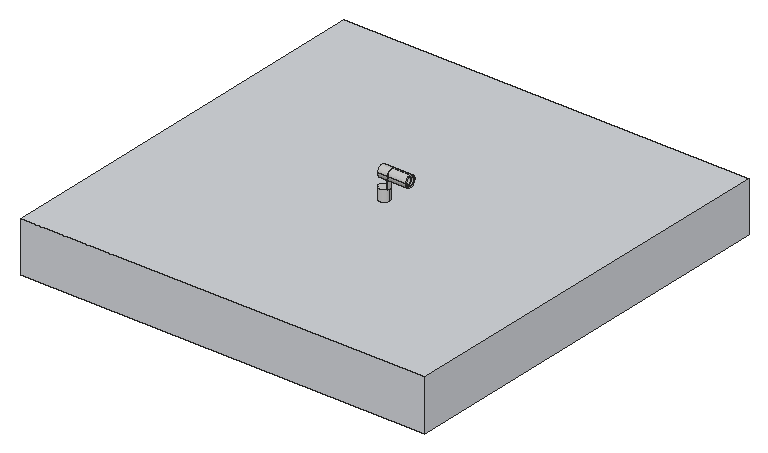
Revit family "LAMP_HANCE SURFACE FLOOD", category Modelos genéricos, Revit 2015
Parameters (values of type "1476LM 3000 BLACK")
  Weight = 0.72 kg
  Type = "COB PHILIPS"
  Total height = 248 mm
  Tilting angle [instance] = 90.00°
  Tilting [instance] = if(Tilting angle < 0.00°, 0.00°, if(Tilting angle > 90.00°, 90.00°, Tilting angle))  # 90.00°
  Rotation angle [instance] = 0.00°
  Rotation [instance] = if(Rotation angle < 0.00°, 90.00°, if(Rotation angle > 355.00°, 85.00°, Rotation angle + 90.00°))  # 90.00°
  Radio base surface = if(Longitud cuerpo = 210 mm, 45 mm, 32.5 mm)  # 32.5 mm
  Protection rating = "IP20"
  Profundidad tija = if(Longitud cuerpo = 210 mm, 18 mm, 8.2 mm)  # 8.2 mm
  Product datasheet = "http://www.lamp.es/product-files/TECH/HS1TK20FL830NBB-EN.pdf"
  Product code = "HS1TK20FL830NBB"
  Product URL = "http://www.lamp.es/en/family/hance_173901"
  Power Supply = "220-240V 50-60Hz"
  Power = 18 W
  Plum = 21 W
  Photometric web file = Cuerpo Hance SURFACE FLOOD (tilting) : 1476LM 3000 BLACK
  Modelo = Product code  # "HS1TK20FL830NBB"
  Model explanation = "Availability of tilting between 0º and 90º, rotation between 0º and 355º and change ring color when placed in a project."
  Material base = LAMP_Aluminio Hance Negro
  Material tija = LAMP_Aluminio Hance Negro
  Manufacturer name = "LAMP"
  Manufacturer country = "Spain"
  Manufacturer URL = "http://www.lamp.es/en"
  MacAdam = "3"
  Luminaire type = "Indoor - Spotlight"
  Longitud cuerpo = 170 mm
  Longitud aro = if(Longitud cuerpo = 135 mm, 63.6 mm, if(Longitud cuerpo = 170 mm, 98.6 mm, 138.6 mm))  # 98.6 mm
  Last update = "08/08/2018"
  Lamp = "COB LED"
  LED Lifetime = "50.000 L80 B10"
  Insulation class = "I"
  Installation instructions = "http://www.lamp.es/product-files/ins/1004280%20-%20instr.%20hance%20spotlight%20220v.pdf"
  Initial intensity = 1476 lm
  Initial color = 3000 K
  IEE = "A"
  Gear = "Electronic"
  Finish = "Texturised black"
  Fabricante = Manufacturer name  # "LAMP"
  Default Elevation = 1219.2 mm
  Efficacy = 70.3 lm/W
  Diameter = 65 mm
  Descripción = "HANCE SUR 2000 WW FL BK."
  Decorative ring [instance] = Aro decorativo (tilting) : Black
  Comentarios de tipo = Model explanation  # "Availability of tilting between 0º and 90º, rotation between 0º and 355º and change ring color when placed in a project."
  CRI = "80"
  Body height = 170 mm
  Angulo aro [instance] = if(Tilting = 90.00°, 90.00°, -Tilting + 180.00°)  # 90.00°
  Anchura tija = if(Longitud cuerpo = 210 mm, 28 mm, 23 mm)  # 23 mm
  Altura tija = if(Longitud cuerpo = 210 mm, 49 mm, 63 mm)  # 63 mm
Types (17, lengths in mm): name | Weight | Total height | Radio base surface | Profundidad tija | Product datasheet | Product code | Power | Plum | Photometric web file | Modelo | Material base | Material tija | Longitud cuerpo | Longitud aro | LED Lifetime | Initial intensity | Initial color | IEE | Finish | Efficacy | Diameter | Descripción | Body height | Anchura tija | Altura tija
  (no name) | 0.72 kg | 248 | 32.5 | 8.2 | "http://www.lamp.es/product-files/TECH/HS1TK20FL830NBB-EN.pdf" | "HS1TK20FL830NBB" | 18 W | 21 W | Cuerpo Hance SURFACE FLOOD (tilting) : 1476LM 3000 BLACK | "HS1TK20FL830NBB" | LAMP_Aluminio Hance Negro | LAMP_Aluminio Hance Negro | 170 | 98.6 | "50.000 L80 B10" | 1476 lm | 3000 K | "A" | "Texturised black" | 70.3 lm/W | 65 | "HANCE SUR 2000 WW FL BK." | 170 | 23 | 63
  639LM 3000 BLACK | 0.62 kg | 214 | 32.5 | 8.2 | "http://www.lamp.es/product-files/TECH/HS1SF10FL830NBB-EN.pdf" | "HS1SF10FL830NBB" | 7 W | 8.2 W | Cuerpo Hance SURFACE FLOOD (tilting) : 639LM 3000 BLACK | "HS1SF10FL830NBB" | LAMP_Aluminio Hance Negro | LAMP_Aluminio Hance Negro | 135 | 63.6 | "50.000 L90 B10" | 639 lm | 3000 K | "A+" | "Texturised black" | 77.9 lm/W | 65 | "HANCE SUR 1000 WW FL BK." | 135 | 23 | 63
  639LM 3000 WHITE | 0.62 kg | 214 | 32.5 | 8.2 | "http://www.lamp.es/product-files/TECH/HS1SF10FL830NBW-EN.pdf" | "HS1SF10FL830NBW" | 7 W | 8.2 W | Cuerpo Hance SURFACE FLOOD (tilting) : 639LM 3000 WHITE | "HS1SF10FL830NBW" | LAMP_Aluminio Hance Blanco | LAMP_Aluminio Hance Blanco | 135 | 63.6 | "50.000 L90 B10" | 639 lm | 3000 K | "A+" | "Texturised matt white" | 77.9 lm/W | 65 | "HANCE SUR 1000 WW FL WH." | 135 | 23 | 63
  675LM 4000 BLACK | 0.62 kg | 214 | 32.5 | 8.2 | "http://www.lamp.es/product-files/TECH/HS1SF10FL840NBB-EN.pdf" | "HS1SF10FL840NBB" | 7 W | 8.2 W | Cuerpo Hance SURFACE FLOOD (tilting) : 675LM 4000 BLACK | "HS1SF10FL840NBB" | LAMP_Aluminio Hance Negro | LAMP_Aluminio Hance Negro | 135 | 63.6 | "50.000 L90 B10" | 675 lm | 4000 K | "A+" | "Texturised black" | 82.32 lm/W | 65 | "HANCE SUR 1000 NW FL BK." | 135 | 23 | 63
  675LM 4000 WHITE | 0.62 kg | 214 | 32.5 | 8.2 | "http://www.lamp.es/product-files/TECH/HS1TK10FL840NBW-EN.pdf" | "HS1TK10FL840NBW" | 7 W | 8.2 W | Cuerpo Hance SURFACE FLOOD (tilting) : 675LM 4000 WHITE | "HS1TK10FL840NBW" | LAMP_Aluminio Hance Blanco | LAMP_Aluminio Hance Blanco | 135 | 63.6 | "50.000 L90 B10" | 675 lm | 4000 K | "A+" | "Texturised matt white" | 82.32 lm/W | 65 | "HANCE SUR 1000 NW FL WH." | 135 | 23 | 63
  1476LM 3000 BLACK | 0.72 kg | 248 | 32.5 | 8.2 | "http://www.lamp.es/product-files/TECH/HS1TK20FL830NBB-EN.pdf" | "HS1TK20FL830NBB" | 18 W | 21 W | Cuerpo Hance SURFACE FLOOD (tilting) : 1476LM 3000 BLACK | "HS1TK20FL830NBB" | LAMP_Aluminio Hance Negro | LAMP_Aluminio Hance Negro | 170 | 98.6 | "50.000 L80 B10" | 1476 lm | 3000 K | "A" | "Texturised black" | 70.3 lm/W | 65 | "HANCE SUR 2000 WW FL BK." | 170 | 23 | 63
  1476LM 3000 WHITE | 0.72 kg | 248 | 32.5 | 8.2 | "http://www.lamp.es/product-files/TECH/HS1SF20FL830NBB-EN.pdf" | "HS1SF20FL830NBB" | 18 W | 21 W | Cuerpo Hance SURFACE FLOOD (tilting) : 1476LM 3000 WHITE | "HS1SF20FL830NBB" | LAMP_Aluminio Hance Blanco | LAMP_Aluminio Hance Blanco | 170 | 98.6 | "50.000 L80 B10" | 1476 lm | 3000 K | "A" | "Texturised matt white" | 70.3 lm/W | 65 | "HANCE SUR 2000 WW FL BK." | 170 | 23 | 63
  1560LM 4000 BLACK | 0.72 kg | 248 | 32.5 | 8.2 | "http://www.lamp.es/product-files/TECH/HS1SF20FL830NBW-EN.pdf" | "HS1SF20FL830NBW" | 18 W | 21 W | Cuerpo Hance SURFACE FLOOD (tilting) : 1560LM 4000 BLACK | "HS1SF20FL830NBW" | LAMP_Aluminio Hance Negro | LAMP_Aluminio Hance Negro | 170 | 98.6 | "50.000 L80 B10" | 1560 lm | 4000 K | "A" | "Texturised black" | 74.28 lm/W | 65 | "HANCE SUR 2000 WW FL WH." | 170 | 23 | 63
  1560LM 4000 WHITE | 0.72 kg | 248 | 32.5 | 8.2 | "http://www.lamp.es/product-files/TECH/HS1SF20FL840NBB-EN.pdf" | "HS1SF20FL840NBB" | 18 W | 21 W | Cuerpo Hance SURFACE FLOOD (tilting) : 1560LM 4000 WHITE | "HS1SF20FL840NBB" | LAMP_Aluminio Hance Blanco | LAMP_Aluminio Hance Blanco | 170 | 98.6 | "50.000 L80 B10" | 1560 lm | 4000 K | "A" | "Texturised matt white" | 74.28 lm/W | 65 | "HANCE SUR 2000 NW FL BK." | 170 | 23 | 63
  2569LM 3000 BLACK | 1.34 kg | 290 | 45 | 18 | "http://www.lamp.es/product-files/TECH/HS1SF30FL830NBB-EN.pdf" | "HS1SF30FL830NBB" | 26 W | 28.6 W | Cuerpo Hance SURFACE FLOOD (tilting) : 2569LM 3000 BLACK | "HS1SF30FL830NBB" | LAMP_Aluminio Hance Negro | LAMP_Aluminio Hance Negro | 210 | 138.6 | "50.000 L80 B10" | 2569 lm | 3000 K | "A+" | "Texturised black" | 89.83 lm/W | 90 | "HANCE SUR 3000 WW FL BK." | 210 | 28 | 49
  2569LM 3000 WHITE | 1.34 kg | 290 | 45 | 18 | "http://www.lamp.es/product-files/TECH/HS1SF30FL830NBW-EN.pdf" | "HS1SF30FL830NBW" | 26 W | 28.6 W | Cuerpo Hance SURFACE FLOOD (tilting) : 2569LM 3000 WHITE | "HS1SF30FL830NBW" | LAMP_Aluminio Hance Blanco | LAMP_Aluminio Hance Blanco | 210 | 138.6 | "50.000 L80 B10" | 2569 lm | 3000 K | "A+" | "Texturised matt white" | 89.83 lm/W | 90 | "HANCE SUR 3000 WW FL WH." | 210 | 28 | 49
  2686LM 4000 BLACK | 1.34 kg | 290 | 45 | 18 | "http://www.lamp.es/product-files/TECH/HS1SF30FL840NBB-EN.pdf" | "HS1SF30FL840NBB" | 26 W | 28.6 W | Cuerpo Hance SURFACE FLOOD (tilting) : 2686LM 4000 BLACK | "HS1SF30FL840NBB" | LAMP_Aluminio Hance Negro | LAMP_Aluminio Hance Negro | 210 | 138.6 | "50.000 L80 B10" | 2686 lm | 4000 K | "A+" | "Texturised black" | 93.92 lm/W | 90 | "HANCE SUR 3000 NW FL BK." | 210 | 28 | 49
  2686LM 4000 WHITE | 1.34 kg | 290 | 45 | 18 | "http://www.lamp.es/product-files/TECH/HS1SF30FL840NBW-EN.pdf" | "HS1SF30FL840NBW" | 26 W | 28.6 W | Cuerpo Hance SURFACE FLOOD (tilting) : 2686LM 4000 WHITE | "HS1SF30FL840NBW" | LAMP_Aluminio Hance Blanco | LAMP_Aluminio Hance Blanco | 210 | 138.6 | "50.000 L80 B10" | 2686 lm | 4000 K | "A+" | "Texturised matt white" | 93.92 lm/W | 90 | "HANCE SUR 3000 NW FL WH." | 210 | 28 | 49
  3290LM 3000 BLACK | 1.34 kg | 290 | 45 | 18 | "http://www.lamp.es/product-files/TECH/HS1SF40FL830NBB-EN.pdf" | "HS1SF40FL830NBB" | 35 W | 39.5 W | Cuerpo Hance SURFACE FLOOD (tilting) : 3290LM 3000 BLACK | "HS1SF40FL830NBB" | LAMP_Aluminio Hance Negro | LAMP_Aluminio Hance Negro | 210 | 138.6 | "50.000 L80 B10" | 3290 lm | 3000 K | "A+" | "Texturised black" | 83.3 lm/W | 90 | "HANCE SUR 4000 WW FL BK." | 210 | 28 | 49
  3290LM 3000 WHITE | 1.34 kg | 290 | 45 | 18 | "http://www.lamp.es/product-files/TECH/HS1SF40FL830NBW-EN.pdf" | "HS1SF40FL830NBW" | 35 W | 39.5 W | Cuerpo Hance SURFACE FLOOD (tilting) : 3290LM 3000 WHITE | "HS1SF40FL830NBW" | LAMP_Aluminio Hance Blanco | LAMP_Aluminio Hance Blanco | 210 | 138.6 | "50.000 L80 B10" | 3290 lm | 3000 K | "A+" | "Texturised matt white" | 83.3 lm/W | 90 | "HANCE SUR 4000 WW FL WH." | 210 | 28 | 49
  3426LM 4000 BLACK | 1.34 kg | 290 | 45 | 18 | "http://www.lamp.es/product-files/TECH/HS1SF40FL840NBB-EN.pdf" | "HS1SF40FL840NBB" | 35 W | 39.5 W | Cuerpo Hance SURFACE FLOOD (tilting) : 3426LM 4000 BLACK | "HS1SF40FL840NBB" | LAMP_Aluminio Hance Negro | LAMP_Aluminio Hance Negro | 210 | 138.6 | "50.000 L80 B10" | 3426 lm | 4000 K | "A+" | "Texturised black" | 86.73 lm/W | 90 | "HANCE SUR 4000 NW FL BK." | 210 | 28 | 49
  3426LM 4000 WHITE | 1.34 kg | 290 | 45 | 18 | "http://www.lamp.es/product-files/TECH/HS1SF40FL840NBW-EN.pdf" | "HS1SF40FL840NBW" | 35 W | 39.5 W | Cuerpo Hance SURFACE FLOOD (tilting) : 3426LM 4000 WHITE | "HS1SF40FL840NBW" | LAMP_Aluminio Hance Blanco | LAMP_Aluminio Hance Blanco | 210 | 138.6 | "50.000 L80 B10" | 3426 lm | 4000 K | "A+" | "Texturised matt white" | 86.73 lm/W | 90 | "HANCE SUR 4000 NW FL WH." | 210 | 28 | 49
Reference planes
  plane 1 "Centro (Frontal/Posterior)": y = 0
  plane 2: z = 0
  plane 3 "Centro (Izquierda/Derecha)": x = 0
Forms (mm)
  Extrusion 1, solid
    sketch origin (0, 0, 0) x (1, 0, 0) y (0, 1, 0)
      loop
        line (-1219.2, 1219.2) -> (-1219.2, -1219.2) -> (1219.2, -1219.2) -> (1219.2, 1219.2) -> (-1219.2, 1219.2)
    from 0 to -304.8
  Extrusion 2, solid, material "LAMP_Aluminio Hance Negro" <- "Material base"
    sketch origin (0, 0, 0) x (1, 0, 0) y (0, 1, 0)
      loop
        circle (0, 0) r 32.5
    from 0 to 64
Lines and regions (mm)
  reference lines
    curve 1: line (0, 0, 0) -> (50, 0, 0)
Text (mm)
  text "Any modification of the parameters and properties of the LAMP BIM models must be executed and validated by the LAMP technical department.\n\nPhone: +34 93 736 68 00\n\nE-mail: lamp@lamp.es\n\n\n\nLAMP reserves the right to modify the technical specifications of its products." at (-21910.024, 14255.656, -4379.641), in view "Preview"
Dimensions and locks
  "Radio base surface": radius of Extrusion 2 sketch curve
  "Rotation": angle curve 1 to plane 3 "Centro (Izquierda/Derecha)"
  aligned and locked: plane 2 to Extrusion 1
  aligned and locked: level to Extrusion 1
  aligned and locked: plane 3 "Centro (Izquierda/Derecha)" to curve 1
  aligned and locked: plane 1 "Centro (Frontal/Posterior)" to curve 1
Automatic sketch dimensions
  Extrusion 1 sketch curve to Extrusion 1 sketch curve = 2438.4 mm  (x2)
  Extrusion 2 sketch curve to curve 1 = 0 mm  (x2)
Nested families
  nested 1: "Aro decorativo (tilting)" at (28.337, 0, 119.163) x (1, 0, 0) z (0, 0, -1), type <- "Decorative ring", type "Black"
    with Longitud 98.6 mm
  nested 2: "Tija track" at (29.837, 0, 64), type "Tija track"
  nested 3: "Cuerpo Hance SURFACE FLOOD (tilting)" at (28.312, 0, 119.145) x (1, 0, 0) z (0, 0, -1), type <- "Photometric web file", type "1476LM 3000 BLACK"
Definition of nested family "Aro decorativo (tilting)"
  Parameters (values of type "Copper")
    Weight (3000/4000) = 0.016 kg
    Weight (1000/2000) = 0.01 kg
    Tilting = 90.00°
    Product datasheet = ""
    Product code (3000/4000) = "HSRI90C"
    Product code (1000/2000) = "HSRI65C"
    Product URL = ""
    Model = ""
    Material aro = none
    Manufacturer name = "LAMP"
    Manufacturer country = "Spain"
    Manufacturer URL = "http://www.lamp.es/en"
    Longitud = 63.6 mm
    Last update = "21/05/2018"
    Installation instructions = ""
    Finish = "Metalized matt copper"
    Manufacturer = Manufacturer name  # "LAMP"
    Default Elevation = 1219.2 mm
    Diameter (3000/4000) = 90 mm
    Diameter (1000/2000) = 65 mm
    Description = ""
    Accessory Type = "Optic"
    3000/4000 Model = "HSRI90C"
    3000/4000 Description = "HANCE 3000/4000 ACC. RING DECO CO."
    1000/2000 Model = "HSRI65C"
    1000/2000 Description = "HANCE 1000/2000 ACC. RING DECO CO."
  Types (5, lengths in mm): name | Product code (3000/4000) | Product code (1000/2000) | Finish | 3000/4000 Model | 3000/4000 Description | 1000/2000 Model | 1000/2000 Description
    (no name) | "HSRI90C" | "HSRI65C" | "Metalized matt copper" | "HSRI90C" | "HANCE 3000/4000 ACC. RING DECO CO." | "HSRI65C" | "HANCE 1000/2000 ACC. RING DECO CO."
    Black | "HSRI90B" | "HSRI65B" | "Matt black" | "HSRI90B" | "HANCE 3000/4000 ACC. RING DECO BK." | "HSRI65B" | "HANCE 1000/2000 ACC. RING DECO BK."
    Copper | "HSRI90C" | "HSRI65C" | "Metalized matt copper" | "HSRI90C" | "HANCE 3000/4000 ACC. RING DECO CO." | "HSRI65C" | "HANCE 1000/2000 ACC. RING DECO CO."
    Grey | "HSRI90M" | "HSRI65M" | "Metalized matt silver" | "HSRI90M" | "HANCE 3000/4000 ACC. RING DECO MET." | "HSRI65M" | "HANCE 1000/2000 ACC. RING DECO MET."
    White | "HSRI90W" | "HSRI65W" | "Matt White" | "HSRI90W" | "HANCE 3000/4000 ACC. RING DECO WH." | "HSRI65W" | "HANCE 1000/2000 ACC. RING DECO WH."
  Reference planes
    plane 1 "Centro (Frontal/Posterior)": y = 0
    plane 2: z = 0
    plane 3 "Centro (Izquierda/Derecha)": x = 0
  Lines and regions (mm)
    reference lines
      curve 1: line (0, 0, 0) -> (0, 0, -27.9)
      curve 2: line (0, 0, -27.9) -> (80.8, 0, -27.9)
  Text (mm)
    text "Any modification of the parameters and properties of the LAMP BIM models must be executed and validated by the LAMP technical department.\n\nPhone: +34 93 736 68 00\n\nE-mail: lamp@lamp.es\n\n\n\nLAMP reserves the right to modify the technical specifications of its products." at (86527.204, -96597.187, 50741.736), in view "Preview"
  Dimensions and locks
    "Tilting": angle curve 1 to plane 2
    aligned and locked: level to plane 2
    aligned and locked: plane 3 "Centro (Izquierda/Derecha)" to curve 1
    aligned and locked: plane 2 to curve 1
  Automatic sketch dimensions
    curve 2 to curve 1 = 0 mm
    curve 1 to curve 2 = 0 mm
    curve 1 to curve 2 = 80.8 mm
  Nested families
    nested 1: "Aro decorativo" at (17.2, 0, 0), type "Copper"
  Definition of nested family "Aro decorativo"
    Parameters (values of type "Copper")
      Weight (3000/4000) = 0.016 kg
      Weight (1000/2000) = 0.01 kg
      Product datasheet = ""
      Product code (3000/4000) = "HSRI90C"
      Product code (1000/2000) = "HSRI65C"
      Product URL = ""
      Model = ""
      Material aro = none
      Manufacturer name = "LAMP"
      Manufacturer country = "Spain"
      Manufacturer URL = "http://www.lamp.es/en"
      Longitud = 63.6 mm
      Last update = "21/05/2018"
      Installation instructions = ""
      Finish = "Metalized matt copper"
      Manufacturer = Manufacturer name  # "LAMP"
      Default Elevation = 1219.2 mm
      Diametro vaciado aro interior = if(Diametro aro interior = 35.4 mm, 34.4 mm, 21.9 mm)  # 21.9 mm
      Diametro vaciado aro exterior = if(Diametro aro exterior = 42.9 mm, 41.9 mm, 29.4 mm)  # 29.4 mm
      Diametro aro interior = if(Diametro aro exterior = 42.9 mm, 35.4 mm, 22.9 mm)  # 22.9 mm
      Diametro aro exterior = if(Longitud = 138.6 mm, 42.9 mm, 30.4 mm)  # 30.4 mm
      Diameter (3000/4000) = 90 mm
      Diameter (1000/2000) = 65 mm
      Description = ""
      Accessory Type = "Optic"
      3000/4000 Model = "HSRI90C"
      3000/4000 Description = "HANCE 3000/4000 ACC. RING DECO CO."
      1000/2000 Description = "HANCE 1000/2000 ACC. RING DECO CO."
      1000/2000 Model = "HSRI65C"
    Types (5, lengths in mm): name | Product code (3000/4000) | Product code (1000/2000) | Finish | 3000/4000 Model | 3000/4000 Description | 1000/2000 Description | 1000/2000 Model
      (no name) | "HSRI90C" | "HSRI65C" | "Metalized matt copper" | "HSRI90C" | "HANCE 3000/4000 ACC. RING DECO CO." | "HANCE 1000/2000 ACC. RING DECO CO." | "HSRI65C"
      Black | "HSRI90B" | "HSRI65B" | "Matt black" | "HSRI90B" | "HANCE 3000/4000 ACC. RING DECO BK." | "HANCE 1000/2000 ACC. RING DECO BK." | "HSRI65B"
      Copper | "HSRI90C" | "HSRI65C" | "Metalized matt copper" | "HSRI90C" | "HANCE 3000/4000 ACC. RING DECO CO." | "HANCE 1000/2000 ACC. RING DECO CO." | "HSRI65C"
      Grey | "HSRI90M" | "HSRI65M" | "Metalized matt silver" | "HSRI90M" | "HANCE 3000/4000 ACC. RING DECO MET." | "HANCE 1000/2000 ACC. RING DECO MET." | "HSRI65M"
      White | "HSRI90W" | "HSRI65W" | "Matt white" | "HSRI90W" | "HANCE 3000/4000 ACC. RING DECO WH." | "HANCE 1000/2000 ACC. RING DECO WH." | "HSRI65W"
    Reference planes
      plane 1 "Centro (Frontal/Posterior)": y = 0
      plane 2: z = 0
      plane 3 "Centro (Izquierda/Derecha)": x = 0
    Forms (mm)
      Revolve 1, solid, material <- "Material aro"
        sketch origin (0, 0, -27.9) x (1, 0, 0) y (0, 0, 1)
          loop
            line (63.6, 0) -> (73.782, 0) -> (73.782, 30.4) -> (63.6, 22.9) -> (63.6, 0)
          axis (73.782, 0) -> (63.6, 0)
        angle from 0 to 360
      Revolve 2, void
        sketch origin (0, 0, -27.9) x (1, 0, 0) y (0, 0, 1)
          loop
            line (73.782, 29.4) -> (63.6, 21.9) -> (63.6, 0) -> (73.782, 0) -> (73.782, 29.4)
          axis (63.6, 0) -> (73.782, 0)
        angle from 0 to 360
    Cuts and joins
      Revolve 2 cuts Revolve 1
    Lines and regions (mm)
      reference lines
        curve 1: line (0, 0, -27.9) -> (63.6, 0, -27.9)
    Text (mm)
      text "Any modification of the parameters and properties of the LAMP BIM models must be executed and validated by the LAMP technical department.\n\nPhone: +34 93 736 68 00\n\nE-mail: lamp@lamp.es\n\n\n\nLAMP reserves the right to modify the technical specifications of its products." at (91886.357, -93022.329, 47898.266), in view "Preview"
    Dimensions and locks
      "Diametro aro exterior": Revolve 1 sketch curve to Revolve 1 sketch curve
      "Diametro vaciado aro exterior": Revolve 2 sketch curve to Revolve 2 sketch curve
      "Longitud": curve 1 to plane 3 "Centro (Izquierda/Derecha)"
      "Diametro aro interior": Revolve 1 sketch curve to Revolve 1 sketch curve
      "Diametro vaciado aro interior": Revolve 2 sketch curve to Revolve 2 sketch curve
      aligned and locked: level to plane 2
    Automatic sketch dimensions
      Revolve 1 sketch curve to curve 1 = 0 mm  (x4)
      curve 1 to Revolve 1 sketch curve = 10.182 mm
      Revolve 1 sketch curve to Revolve 1 sketch curve = 0 mm
      Revolve 2 sketch curve to curve 1 = 0 mm  (x3)
      curve 1 to Revolve 2 sketch curve = 10.182 mm
      Revolve 2 sketch curve to curve 1 = 1261.008 mm
      Revolve 2 sketch curve to Revolve 2 sketch curve = 1898.983 mm
      curve 1 to plane 3 "Centro (Izquierda/Derecha)" = 0 mm
      curve 1 to level = 27.9 mm
Definition of nested family "Tija track"
  Parameters (values of type "Tija track")
    Profundidad tija = 8.2 mm
    Material tija = none
    Default Elevation = 1219.2 mm
    Anchura tija = 23 mm
    Profundo vaciado = if(Profundidad tija = 18 mm, 10.8 mm, 1 mm)  # 1 mm
    Ancho vaciado = Anchura tija  # 23 mm
    Altura tija = 63 mm
  Reference planes
    plane 1 "Centro (Frontal/Posterior)": y = 0
    plane 2: z = 0
    plane 3 "Centro (Izquierda/Derecha)": x = 0
  Forms (mm)
    Extrusion 1, solid
      sketch origin (0, 0, 0) x (1, 0, 0) y (0, 1, 0)
        loop
          line (-1219.2, 1219.2) -> (-1219.2, -1219.2) -> (1219.2, -1219.2) -> (1219.2, 1219.2) -> (-1219.2, 1219.2)
      from 0 to -304.8
    Extrusion 2, solid, material <- "Material tija"
      sketch origin (0, 0, -18) x (1, 0, 0) y (0, 0, 1)
        loop
          line (4.1, 18) -> (4.1, 81) -> (-6.297, 81)
          arc (-6.297, 81) -> (-12.297, 75) -> (-6.297, 69) r 6
          line (-6.297, 69) -> (-4.1, 69) -> (-4.1, 18) -> (4.1, 18)
      from -11.5 to 11.5
    Extrusion 3, void
      sketch origin (0, 0, -20) x (-1, 0, 0) y (0, 0, 1)
        loop
          circle (7.297, 77) r 3
        loop
          circle (7.297, 63) r 3
      from -17.317 to 15.502
    Extrusion 4, void
      sketch origin (1, -11.5, 0) x (-1, 0, 0) y (0, 1, 0)
        loop
          line (0, 23) -> (-38.141, 23) -> (-38.141, 0) -> (0, 0)
          arc (0, 0) -> (-1.663, 11.5) -> (0, 23) r 40.6
      from -63 to 0
  Cuts and joins
    Extrusion 3, Extrusion 4 cuts Extrusion 2
  Lines and regions (mm)
    reference lines
      curve 1: line (1, -11.5, 0) -> (1, 11.5, 0)
  Dimensions and locks
    equal spacing: cut or joined group of Extrusion 2, Extrusion 3, Extrusion 4, plane 1 "Centro (Frontal/Posterior)", cut or joined group of Extrusion 2, Extrusion 3, Extrusion 4
    "Anchura tija": cut or joined group of Extrusion 2, Extrusion 3, Extrusion 4 to cut or joined group of Extrusion 2, Extrusion 3, Extrusion 4
    plane 1 "Centro (Frontal/Posterior)" to Extrusion 4 sketch curve = 11.5 mm
    "Altura tija": Extrusion 2 sketch curve to Extrusion 2 sketch curve
    "Profundidad tija": cut or joined group of Extrusion 2, Extrusion 3, Extrusion 4 to cut or joined group of Extrusion 2, Extrusion 3, Extrusion 4
    locked: cut or joined group of Extrusion 2, Extrusion 3, Extrusion 4 to plane 3 "Centro (Izquierda/Derecha)" at 4.1
    locked: plane 3 "Centro (Izquierda/Derecha)" to Extrusion 4 sketch curve at 39.141
    "Profundo vaciado": plane 3 "Centro (Izquierda/Derecha)" to curve 1
    "Ancho vaciado": Extrusion 4 sketch curve to Extrusion 4 sketch curve
    equal spacing: Extrusion 4 sketch curve, plane 1 "Centro (Frontal/Posterior)", Extrusion 4 sketch curve
    aligned and locked: plane 2 to Extrusion 1
    aligned and locked: level to Extrusion 1
  Automatic sketch dimensions
    Extrusion 1 sketch curve to Extrusion 1 sketch curve = 2438.4 mm  (x2)
    Extrusion 3 sketch curve to plane 3 "Centro (Izquierda/Derecha)" = 7.297 mm  (x2)
    level to Extrusion 3 sketch curve = 43 mm
    Extrusion 3 sketch curve to Extrusion 3 sketch curve = 14 mm
    Extrusion 2 sketch curve to level = 0 mm
    Extrusion 2 sketch curve to plane 3 "Centro (Izquierda/Derecha)" = 6.297 mm
    Extrusion 2 sketch curve to Extrusion 2 sketch curve = 2.197 mm
    plane 3 "Centro (Izquierda/Derecha)" to Extrusion 2 sketch curve = 4.1 mm
    Extrusion 2 sketch curve to Extrusion 2 sketch curve = 12 mm
    plane 1 "Centro (Frontal/Posterior)" to curve 1 = 11.5 mm
    curve 1 to plane 1 "Centro (Frontal/Posterior)" = 11.5 mm
    Extrusion 4 sketch curve to curve 1 = 0 mm  (x2)
    curve 1 to Extrusion 4 sketch curve = 38.937 mm
    radius of Extrusion 3 sketch curve = 3 mm  (x2)
Definition of nested family "Cuerpo Hance SURFACE FLOOD (tilting)"
  Parameters (values of type "639LM 3000 BLACK")
    Tilting = 90.00°
    Photometric web file = Cuerpo Hance SURFACE FLOOD : 639LM 3000 BLACK
    Longitud cuerpo = 135 mm
    Default Elevation = 1219.2 mm
  Types (17, lengths in mm): name | Photometric web file | Longitud cuerpo
    (no name) | Cuerpo Hance SURFACE FLOOD : 639LM 3000 BLACK | 135
    639LM 3000 BLACK | Cuerpo Hance SURFACE FLOOD : 639LM 3000 BLACK | 135
    639LM 3000 WHITE | Cuerpo Hance SURFACE FLOOD : 639LM 3000 WHITE | 135
    675LM 4000 BLACK | Cuerpo Hance SURFACE FLOOD : 675LM 4000 BLACK | 135
    675LM 4000 WHITE | Cuerpo Hance SURFACE FLOOD : 675LM 4000 WHITE | 135
    1476LM 3000 BLACK | Cuerpo Hance SURFACE FLOOD : 1476LM 3000 BLACK | 170
    1476LM 3000 WHITE | Cuerpo Hance SURFACE FLOOD : 1476LM 3000 WHITE | 170
    1560LM 4000 BLACK | Cuerpo Hance SURFACE FLOOD : 1560LM 4000 BLACK | 170
    1560LM 4000 WHITE | Cuerpo Hance SURFACE FLOOD : 1560LM 4000 WHITE | 170
    2569LM 3000 BLACK | Cuerpo Hance SURFACE FLOOD : 2569LM 3000 BLACK | 210
    2569LM 3000 WHITE | Cuerpo Hance SURFACE FLOOD : 2569LM 3000 WHITE | 210
    2686LM 4000 BLACK | Cuerpo Hance SURFACE FLOOD : 2686LM 4000 BLACK | 210
    2686LM 4000 WHITE | Cuerpo Hance SURFACE FLOOD : 2686LM 4000 WHITE | 210
    3290LM 3000 BLACK | Cuerpo Hance SURFACE FLOOD : 3290LM 3000 BLACK | 210
    3290LM 3000 WHITE | Cuerpo Hance SURFACE FLOOD : 3290LM 3000 WHITE | 210
    3426LM 4000 BLACK | Cuerpo Hance SURFACE FLOOD : 3426LM 4000 BLACK | 210
    3426LM 4000 WHITE | Cuerpo Hance SURFACE FLOOD : 3426LM 4000 WHITE | 210
  Reference planes
    plane 1 "Centro (Frontal/Posterior)": y = 0
    plane 2: z = 0
    plane 3 "Centro (Izquierda/Derecha)": x = 0
  Lines and regions (mm)
    reference lines
      curve 1: line (0, 0, 0) -> (200, 0, 0)
  Dimensions and locks
    "Tilting": angle plane 3 "Centro (Izquierda/Derecha)" to curve 1
    aligned and locked: level to plane 2
    aligned and locked: plane 3 "Centro (Izquierda/Derecha)" to curve 1
    aligned and locked: plane 2 to curve 1
  Nested families
    nested 1: "Cuerpo Hance SURFACE FLOOD" at (0, 0, 0), type <- "Photometric web file", type "639LM 3000 BLACK"
  Definition of nested family "Cuerpo Hance SURFACE FLOOD"
    Parameters (values of type "639LM 3000 BLACK")
      Tilt Angle = 90.00° + Tilting  # 180.00°
      Wattage = 8.2 W
      Tilting = 90.00°
      built-in parameter 1150107 = 3000 (stored number, unit not read)
      Radio vacio posterior = Radio cuerpo - 2.2 mm  # 30.3 mm
      Radio vaciado = Radio cuerpo - 1.5 mm  # 31 mm
      Radio cuerpo = if(Longitud cuerpo = 210 mm, 45 mm, 32.5 mm)  # 32.5 mm
      built-in parameter 1150110 = 1 (stored number, unit not read)
      built-in parameter 1150109 = 1 (stored number, unit not read)
      built-in parameter 1150112 = 1 (stored number, unit not read)
      built-in parameter 1150113 = 1 (stored number, unit not read)
      built-in parameter 1114218 = 1 (stored number, unit not read)
      built-in parameter 1150137 = (empty or 0)
      built-in parameter 1150132 = 2
      Material reflector = none
      Material cuerpo = none
      Material COB = none
      Longitud cuerpo = 135 mm
      Long. origen luz = if(Longitud cuerpo = 135 mm, 20 mm, if(Longitud cuerpo = 170 mm, 55 mm, 90 mm))  # 20 mm
      L_3 = if(Ancho disipador posterior = 80.4 mm, 39.6 mm, 12 mm)  # 12 mm
      L_2 = if(Ancho disipador posterior = 80.4 mm, 36.3 mm, 22.6 mm)  # 22.6 mm
      L_1 = if(Ancho disipador posterior = 80.4 mm, 36.8 mm, 25.4 mm)  # 25.4 mm
      built-in parameter 1150105 = 11148.3 (stored number, unit not read)
      built-in parameter 1150102 = (empty or 0)
      built-in parameter 1150106 = 111.48 (stored number, unit not read)
      Lumens = 638.78 lm
      Color Filter = 16777215
      built-in parameter 1114217 = 1 (stored number, unit not read)
      built-in parameter 1150139 = (empty or 0)
      Default Elevation = 1219.2 mm
      built-in parameter 1150104 = 7.2371 (stored number, unit not read)
      Efficacy = 77.9 lm/W
      Diametro aro = if(Radio cuerpo = 45 mm, 42.9 mm, 30.4 mm)  # 30.4 mm
      built-in parameter 1150115 = 1 (stored number, unit not read)
      built-in parameter 1150114 = 1 (stored number, unit not read)
      built-in parameter 1150138 = (empty or 0)
      built-in parameter 1150134 = (empty or 0)
      Dimming Lamp Color Temperature Shift = (empty or 0)
      Photometric Web File = "HS1SF10FL830NBB.IES"
      Ancho vaciado reflector = if(Radio cuerpo = 45 mm, 34.4 mm, 21.9 mm)  # 21.9 mm
      Ancho reflector = if(Radio cuerpo = 45 mm, 35.4 mm, 22.9 mm)  # 22.9 mm
      Ancho disipador posterior = if(Radio cuerpo = 32.5 mm, 53 mm, 80.4 mm)  # 53 mm
      built-in parameter 1150133 = 10 (stored number, unit not read)
      Altura disipador superior = if(Radio cuerpo = 45 mm, 23.9 mm, 36.9 mm)  # 36.9 mm
      Ancho disipador superior = if(Radio cuerpo = 45 mm, 28 mm, 22.6 mm)  # 22.6 mm
    Types (16, lengths in mm): name | Wattage | built-in parameter 1150107 | Radio vacio posterior | Radio vaciado | Radio cuerpo | Longitud cuerpo | Long. origen luz | L_3 | L_2 | L_1 | built-in parameter 1150105 | built-in parameter 1150106 | Lumens | built-in parameter 1150104 | Efficacy | Diametro aro | built-in parameter 1150134 | Photometric Web File | Ancho vaciado reflector | Ancho reflector | Ancho disipador posterior | Altura disipador superior | Ancho disipador superior
      639LM 3000 BLACK | 8.2 W | 3000 (stored number, unit not read) | 30.3 | 31 | 32.5 | 135 | 20 | 12 | 22.6 | 25.4 | 11148.3 (stored number, unit not read) | 111.48 (stored number, unit not read) | 638.78 lm | 7.2371 (stored number, unit not read) | 77.9 lm/W | 30.4 | (empty or 0) | "HS1SF10FL830NBB.IES" | 21.9 | 22.9 | 53 | 36.9 | 22.6
      639LM 3000 WHITE | 8.2 W | 3000 (stored number, unit not read) | 30.3 | 31 | 32.5 | 135 | 20 | 12 | 22.6 | 25.4 | 11148.3 (stored number, unit not read) | 111.48 (stored number, unit not read) | 638.78 lm | 7.2371 (stored number, unit not read) | 77.9 lm/W | 30.4 | (empty or 0) | "HS1SF10FL830NBW.IES" | 21.9 | 22.9 | 53 | 36.9 | 22.6
      675LM 4000 BLACK | 8.2 W | 4000 (stored number, unit not read) | 30.3 | 31 | 32.5 | 135 | 20 | 12 | 22.6 | 25.4 | 1291.7 (stored number, unit not read) | 12.917 (stored number, unit not read) | 675.024 lm | 7.6478 (stored number, unit not read) | 82.32 lm/W | 30.4 | 12 | "HS1SF10FL840NBB.IES" | 21.9 | 22.9 | 53 | 36.9 | 22.6
      675LM 4000 WHITE | 8.2 W | 4000 (stored number, unit not read) | 30.3 | 31 | 32.5 | 135 | 20 | 12 | 22.6 | 25.4 | 1291.7 (stored number, unit not read) | 12.917 (stored number, unit not read) | 675.024 lm | 7.6478 (stored number, unit not read) | 82.32 lm/W | 30.4 | 12 | "HS1SF10FL840NBW.IES" | 21.9 | 22.9 | 53 | 36.9 | 22.6
      1476LM 3000 BLACK | 21 W | 3000 (stored number, unit not read) | 30.3 | 31 | 32.5 | 170 | 55 | 12 | 22.6 | 25.4 | 2825.1 (stored number, unit not read) | 28.251 (stored number, unit not read) | 1476.3 lm | 6.5311 (stored number, unit not read) | 70.3 lm/W | 30.4 | (empty or 0) | "HS1SF20FL830NBB.IES" | 21.9 | 22.9 | 53 | 36.9 | 22.6
      1476LM 3000 WHITE | 21 W | 3000 (stored number, unit not read) | 30.3 | 31 | 32.5 | 170 | 55 | 12 | 22.6 | 25.4 | 2825.1 (stored number, unit not read) | 28.251 (stored number, unit not read) | 1476.3 lm | 6.5311 (stored number, unit not read) | 70.3 lm/W | 30.4 | (empty or 0) | "HS1SF20FL830NBW.IES" | 21.9 | 22.9 | 53 | 36.9 | 22.6
      1560LM 4000 BLACK | 21 W | 4000 (stored number, unit not read) | 30.3 | 31 | 32.5 | 170 | 55 | 12 | 22.6 | 25.4 | 3095.6 (stored number, unit not read) | 30.956 (stored number, unit not read) | 1559.88 lm | 6.9008 (stored number, unit not read) | 74.28 lm/W | 30.4 | 12 | "HS1SF20FL840NBB.IES" | 21.9 | 22.9 | 53 | 36.9 | 22.6
      1560LM 4000 WHITE | 21 W | 4000 (stored number, unit not read) | 30.3 | 31 | 32.5 | 170 | 55 | 12 | 22.6 | 25.4 | 3095.6 (stored number, unit not read) | 30.956 (stored number, unit not read) | 1559.88 lm | 6.9008 (stored number, unit not read) | 74.28 lm/W | 30.4 | 12 | "HS1SF20FL840NBW.IES" | 21.9 | 22.9 | 53 | 36.9 | 22.6
      2569LM 3000 BLACK | 28.6 W | 3000 (stored number, unit not read) | 42.8 | 43.5 | 45 | 210 | 90 | 39.6 | 36.3 | 36.8 | 5098.4 (stored number, unit not read) | 50.984 (stored number, unit not read) | 2569.14 lm | 8.3455 (stored number, unit not read) | 89.83 lm/W | 42.9 | (empty or 0) | "HS1SF30FL830NBB.IES" | 34.4 | 35.4 | 80.4 | 23.9 | 28
      2569LM 3000 WHITE | 28.6 W | 3000 (stored number, unit not read) | 42.8 | 43.5 | 45 | 210 | 90 | 39.6 | 36.3 | 36.8 | 5098.4 (stored number, unit not read) | 50.984 (stored number, unit not read) | 2569.14 lm | 8.3455 (stored number, unit not read) | 89.83 lm/W | 42.9 | (empty or 0) | "HS1SF30FL830NBW.IES" | 34.4 | 35.4 | 80.4 | 23.9 | 28
      2686LM 4000 BLACK | 28.6 W | 4000 (stored number, unit not read) | 42.8 | 43.5 | 45 | 210 | 90 | 39.6 | 36.3 | 36.8 | 7539.9 (stored number, unit not read) | 75.399 (stored number, unit not read) | 2686.11 lm | 8.7255 (stored number, unit not read) | 89.83 lm/W | 42.9 | 12 | "HS1SF30FL840NBB.IES" | 34.4 | 35.4 | 80.4 | 23.9 | 28
      2686LM 4000 WHITE | 28.6 W | 4000 (stored number, unit not read) | 42.8 | 43.5 | 45 | 210 | 90 | 39.6 | 36.3 | 36.8 | 7539.9 (stored number, unit not read) | 75.399 (stored number, unit not read) | 2686.11 lm | 8.7255 (stored number, unit not read) | 89.83 lm/W | 42.9 | 12 | "HS1SF30FL840NBW.IES" | 34.4 | 35.4 | 80.4 | 23.9 | 28
      3290LM 3000 BLACK | 39.5 W | 3000 (stored number, unit not read) | 42.8 | 43.5 | 45 | 210 | 90 | 39.6 | 36.3 | 36.8 | 9236 (stored number, unit not read) | 92.36 (stored number, unit not read) | 3290.35 lm | 7.7388 (stored number, unit not read) | 83.3 lm/W | 42.9 | (empty or 0) | "HS1SF40FL830NBB.IES" | 34.4 | 35.4 | 80.4 | 23.9 | 28
      3290LM 3000 WHITE | 39.5 W | 3000 (stored number, unit not read) | 42.8 | 43.5 | 45 | 210 | 90 | 39.6 | 36.3 | 36.8 | 9236 (stored number, unit not read) | 92.36 (stored number, unit not read) | 3290.35 lm | 7.7388 (stored number, unit not read) | 83.3 lm/W | 42.9 | (empty or 0) | "HS1SF40FL830NBW.IES" | 34.4 | 35.4 | 80.4 | 23.9 | 28
      3426LM 4000 BLACK | 39.5 W | 4000 (stored number, unit not read) | 42.8 | 43.5 | 45 | 210 | 90 | 39.6 | 36.3 | 36.8 | 8759.9 (stored number, unit not read) | 87.599 (stored number, unit not read) | 3425.84 lm | 8.0575 (stored number, unit not read) | 86.73 lm/W | 42.9 | 12 | "HS1SF40FL840NBB.IES" | 34.4 | 35.4 | 80.4 | 23.9 | 28
      3426LM 4000 WHITE | 39.5 W | 4000 (stored number, unit not read) | 42.8 | 43.5 | 45 | 210 | 90 | 39.6 | 36.3 | 36.8 | 8759.9 (stored number, unit not read) | 87.599 (stored number, unit not read) | 3425.84 lm | 8.0575 (stored number, unit not read) | 86.73 lm/W | 42.9 | 12 | "HS1SF40FL840NBW.IES" | 34.4 | 35.4 | 80.4 | 23.9 | 28
    Reference planes
      plane 1 "Centro (Frontal/Posterior)": y = 0
      plane 2: z = 0
      plane 3 "Centro (Izquierda/Derecha)": x = 0
    Forms (mm)
      Extrusion 1, solid, material <- "Material cuerpo"
        sketch origin (0, 0, 0) x (0, -1, 0) y (0, 0, 1)
          loop
            circle (0, -27.875) r 32.5
        from -93 to 42
      Extrusion 2, void
        sketch origin (0, 0, 0) x (0, 1, 0) y (0, 0, 1)
          loop
            line (11.3, 30) -> (-11.3, 30) -> (-11.3, -6.9)
            arc (-11.3, -6.9) -> (0, -7.855) -> (11.3, -6.9) r 67.349
            line (11.3, -6.9) -> (11.3, 30)
        from -42 to 9.4
      Extrusion 3, void
        sketch origin (0, 0, 0) x (0, 1, 0) y (0, 0, 1)
          loop
            circle (0, -27.875) r 30.3
        from -42 to -41
      Extrusion 4, void
        sketch origin (0, 0, 0) x (0, 1, 0) y (0, 0, 1)
          loop
            line (26.5, -26.291) -> (-26.5, -26.291)
            arc (-26.5, -26.291) -> (-27.7, -27.491) -> (-26.5, -28.691) r 1.2
            line (-26.5, -28.691) -> (26.5, -28.691)
            arc (26.5, -28.691) -> (27.7, -27.491) -> (26.5, -26.291) r 1.2
          loop
            line (26.115, -30.891) -> (-26.115, -30.891)
            arc (-26.115, -30.891) -> (-27.315, -32.091) -> (-26.115, -33.291) r 1.2
            line (-26.115, -33.291) -> (26.115, -33.291)
            arc (26.115, -33.291) -> (27.315, -32.091) -> (26.115, -30.891) r 1.2
          loop
            line (25.4, -35.55) -> (-24.915, -35.55)
            arc (-24.915, -35.55) -> (-26.115, -36.75) -> (-24.915, -37.95) r 1.2
            line (-24.915, -37.95) -> (25.4, -37.95)
            arc (25.4, -37.95) -> (26.6, -36.75) -> (25.4, -35.55) r 1.2
          loop
            line (22.6, -40.091) -> (-22.64, -40.091)
            arc (-22.64, -40.091) -> (-23.84, -41.291) -> (-22.64, -42.491) r 1.2
            line (-22.64, -42.491) -> (22.6, -42.491)
            arc (22.6, -42.491) -> (23.8, -41.291) -> (22.6, -40.091) r 1.2
          loop
            line (19.043, -44.691) -> (-19.086, -44.691)
            arc (-19.086, -44.691) -> (-20.286, -45.891) -> (-19.086, -47.091) r 1.2
            line (-19.086, -47.091) -> (19.043, -47.091)
            arc (19.043, -47.091) -> (20.243, -45.891) -> (19.043, -44.691) r 1.2
          loop
            line (15.357, -49.291) -> (-15.5, -49.291)
            arc (-15.5, -49.291) -> (-16.6, -50.391) -> (-15.5, -51.491) r 1.1
            line (-15.5, -51.491) -> (15.357, -51.491)
            arc (15.357, -51.491) -> (16.457, -50.391) -> (15.357, -49.291) r 1.1
          loop
            line (6, -53.691) -> (-6, -53.691)
            arc (-6, -53.691) -> (-7.1, -54.791) -> (-6, -55.891) r 1.1
            line (-6, -55.891) -> (6, -55.891)
            arc (6, -55.891) -> (7.1, -54.791) -> (6, -53.691) r 1.1
        from -42 to -38.7
      Extrusion 5, void
        sketch origin (0, 0, 0) x (-1, 0, 0) y (0, -1, 0)
          loop
            line (37.7, -9.12) -> (37.7, 9.12)
            arc (37.7, 9.12) -> (36.6, 10.22) -> (35.5, 9.12) r 1.1
            line (35.5, 9.12) -> (35.5, -9.12)
            arc (35.5, -9.12) -> (36.6, -10.22) -> (37.7, -9.12) r 1.1
          loop
            line (28.9, -9.12) -> (28.9, 9.12)
            arc (28.9, 9.12) -> (27.8, 10.22) -> (26.7, 9.12) r 1.1
            line (26.7, 9.12) -> (26.7, -9.12)
            arc (26.7, -9.12) -> (27.8, -10.22) -> (28.9, -9.12) r 1.1
          loop
            line (20.1, -9.12) -> (20.1, 9.12)
            arc (20.1, 9.12) -> (19, 10.22) -> (17.9, 9.12) r 1.1
            line (17.9, 9.12) -> (17.9, -9.12)
            arc (17.9, -9.12) -> (19, -10.22) -> (20.1, -9.12) r 1.1
        from -51.491 to 30
      Extrusion 6, void
        sketch origin (0, 0, 0) x (-1, 0, 0) y (0, -1, 0)
          loop
            line (33.3, -9.12) -> (33.3, 9.12)
            arc (33.3, 9.12) -> (32.2, 10.22) -> (31.1, 9.12) r 1.1
            line (31.1, 9.12) -> (31.1, -9.12)
            arc (31.1, -9.12) -> (32.2, -10.22) -> (33.3, -9.12) r 1.1
          loop
            line (24.5, -9.12) -> (24.5, 9.12)
            arc (24.5, 9.12) -> (23.4, 10.22) -> (22.3, 9.12) r 1.1
            line (22.3, 9.12) -> (22.3, -9.12)
            arc (22.3, -9.12) -> (23.4, -10.22) -> (24.5, -9.12) r 1.1
        from -8.232 to 30
      Extrusion 7, void
        sketch origin (0, 0, 0) x (0, 1, 0) y (0, 0, 1)
          loop
            circle (0, -27.875) r 31
        from 17.213 to 93
      Revolve 8, solid, material <- "Material reflector"
        sketch origin (0, 0, 0) x (1, 0, 0) y (0, 0, 1)
          loop
            line (60.5, -27.875) -> (80.818, -27.875) -> (80.818, -4.975) -> (60.5, -19.875) -> (60.5, -27.875)
          axis (60.5, -27.875) -> (80.818, -27.875)
        angle from 0 to 360
      Revolve 9, void
        sketch origin (0, 0, 0) x (1, 0, 0) y (0, 0, 1)
          loop
            line (80.818, -5.975) -> (61.5, -20.142) -> (60.5, -20.142) -> (60.5, -27.875) -> (61.5, -27.875) -> (80.818, -27.875) -> (80.818, -5.975)
          axis (80.818, -27.875) -> (60.5, -27.875)
        angle from 0 to 360
      Extrusion 10, solid, material <- "Material COB"
        sketch origin (0, 0, 0) x (0, -1, 0) y (0, 0, 1)
          loop
            circle (0, -27.875) r 7.733
        from -61.5 to -60.5
    Cuts and joins
      Extrusion 2, Extrusion 3, Extrusion 4, Extrusion 5, Extrusion 6, Extrusion 7 cuts Extrusion 1
      Revolve 9 cuts Revolve 8
    Lines and regions (mm)
      reference lines
        curve 1: line (0, 0, 0) -> (178.042, 0, 0)
        curve 2: line (93, 0, -27.875) -> (113, 0, -27.875)
        curve 3: line (0, 0, 0) -> (0, 0, -75)
        curve 4: line (93, 0, -22.875) -> (93, 0, -32.875)
    Text (mm)
      text "Any modification of the parameters and properties of the LAMP BIM models must be executed and validated by the LAMP technical department.\n\nPhone: +34 93 736 68 00\n\nE-mail: lamp@lamp.es\n\n\n\nLAMP reserves the right to modify the technical specifications of its products." at (97482.136, -81600.41, 57308.082), in view "Preview"
    Dimensions and locks
      locked: Revolve 9 sketch curve to cut or joined group of Extrusion 1, Extrusion 2, Extrusion 3, Extrusion 4, Extrusion 5, Extrusion 6, Extrusion 7 at 12.182
      "Longitud cuerpo": cut or joined group of Extrusion 1, Extrusion 2, Extrusion 3, Extrusion 4, Extrusion 5, Extrusion 6, Extrusion 7 to cut or joined group of Extrusion 1, Extrusion 2, Extrusion 3, Extrusion 4, Extrusion 5, Extrusion 6, Extrusion 7
      locked: cut or joined group of Extrusion 1, Extrusion 2, Extrusion 3, Extrusion 4, Extrusion 5, Extrusion 6, Extrusion 7 to curve 3 at 42
      locked: cut or joined group of Revolve 8, Revolve 9 to cut or joined group of Extrusion 1, Extrusion 2, Extrusion 3, Extrusion 4, Extrusion 5, Extrusion 6, Extrusion 7 at 12.182
      locked: cut or joined group of Revolve 8, Revolve 9 to cut or joined group of Revolve 8, Revolve 9 at 20.318
      locked: cut or joined group of Extrusion 1, Extrusion 2, Extrusion 3, Extrusion 4, Extrusion 5, Extrusion 6, Extrusion 7 to Extrusion 10 at 31.5
      locked: Extrusion 10 to Extrusion 10 at 1
      "Long. origen luz": curve 4 to curve 2
      equal spacing: Extrusion 4 sketch curve, plane 1 "Centro (Frontal/Posterior)", Extrusion 4 sketch curve  (x2)
      "Ancho disipador posterior": Extrusion 4 sketch curve to Extrusion 4 sketch curve
      "L_1": Extrusion 4 sketch curve to plane 1 "Centro (Frontal/Posterior)"
      "L_2": Extrusion 4 sketch curve to curve 3
      "L_3": Extrusion 4 sketch curve to Extrusion 4 sketch curve
      equal spacing: Extrusion 2 sketch curve, plane 1 "Centro (Frontal/Posterior)", Extrusion 2 sketch curve
      "Ancho disipador superior": Extrusion 2 sketch curve to Extrusion 2 sketch curve
      "Altura disipador superior": Extrusion 2 sketch curve to Extrusion 2 sketch curve
      locked: plane 2 to Extrusion 2 sketch curve at 30
      "Ancho reflector": Revolve 8 sketch curve to imposter light
      "Ancho vaciado reflector": Revolve 9 sketch curve to imposter light
      "Radio cuerpo": radius of Extrusion 1 sketch curve
      "Radio vaciado": radius of Extrusion 7 sketch curve
      "Radio vacio posterior": radius of Extrusion 3 sketch curve
      "Tilting": angle plane 3 "Centro (Izquierda/Derecha)" to curve 1
      aligned and locked: level to plane 2
      aligned and locked: imposter light to curve 2  (x2)
      aligned and locked: cut or joined group of Extrusion 1, Extrusion 2, Extrusion 3, Extrusion 4, Extrusion 5, Extrusion 6, Extrusion 7 to cut or joined group of Extrusion 1, Extrusion 2, Extrusion 3, Extrusion 4, Extrusion 5, Extrusion 6, Extrusion 7
    Automatic sketch dimensions
      curve 1 to Extrusion 5 sketch curve = 17.9 mm
      Extrusion 5 sketch curve to Extrusion 5 sketch curve = 1.1 mm  (x3)
      Extrusion 5 sketch curve to Extrusion 5 sketch curve = 6.6 mm  (x2)
      Extrusion 5 sketch curve to curve 1 = 9.12 mm  (x2)
      Extrusion 5 sketch curve to Extrusion 5 sketch curve = 0 mm  (x3)
      curve 1 to Extrusion 5 sketch curve = 9.12 mm
      curve 1 to Extrusion 6 sketch curve = 22.3 mm
      Extrusion 6 sketch curve to Extrusion 6 sketch curve = 1.1 mm  (x2)
      Extrusion 6 sketch curve to Extrusion 6 sketch curve = 6.6 mm
      Extrusion 6 sketch curve to curve 1 = 9.12 mm
      Extrusion 6 sketch curve to Extrusion 6 sketch curve = 0 mm  (x2)
      curve 1 to Extrusion 6 sketch curve = 9.12 mm
      Extrusion 10 sketch curve to plane 1 "Centro (Frontal/Posterior)" = 0 mm
      Extrusion 1 sketch curve to plane 1 "Centro (Frontal/Posterior)" = 0 mm
      Extrusion 1 sketch curve to level = 27.875 mm
      Extrusion 2 sketch curve to plane 1 "Centro (Frontal/Posterior)" = 0 mm
      Extrusion 2 sketch curve to Extrusion 2 sketch curve = 29.494 mm
      Extrusion 3 sketch curve to plane 1 "Centro (Frontal/Posterior)" = 0 mm
      Extrusion 3 sketch curve to level = 27.875 mm
      Extrusion 4 sketch curve to Extrusion 4 sketch curve = 0.385 mm  (x2)
      Extrusion 4 sketch curve to Extrusion 4 sketch curve = 1.2 mm  (x6)
      Extrusion 4 sketch curve to Extrusion 4 sketch curve = 2.276 mm
      Extrusion 4 sketch curve to Extrusion 4 sketch curve = 3.554 mm
      Extrusion 4 sketch curve to Extrusion 4 sketch curve = 3.586 mm
      Extrusion 4 sketch curve to Extrusion 4 sketch curve = 9.357 mm
      Extrusion 4 sketch curve to Extrusion 4 sketch curve = 3.557 mm
      Extrusion 4 sketch curve to level = 55.891 mm
      Extrusion 4 sketch curve to Extrusion 4 sketch curve = 1.1 mm  (x2)
      Extrusion 4 sketch curve to Extrusion 4 sketch curve = 2.2 mm  (x4)
      Extrusion 4 sketch curve to Extrusion 4 sketch curve = 2.141 mm
      Extrusion 4 sketch curve to Extrusion 4 sketch curve = 2.259 mm
      Extrusion 7 sketch curve to plane 1 "Centro (Frontal/Posterior)" = 0 mm
      Extrusion 7 sketch curve to level = 27.875 mm
      curve 1 to Revolve 8 sketch curve = 19.875 mm
      curve 1 to Revolve 8 sketch curve = 60.5 mm
      Revolve 8 sketch curve to Revolve 8 sketch curve = 20.318 mm
      Revolve 8 sketch curve to Revolve 8 sketch curve = 8 mm
      Revolve 8 sketch curve to Revolve 8 sketch curve = 0 mm  (x2)
      Revolve 8 sketch curve to Revolve 8 sketch curve = 9.682 mm
      Revolve 9 sketch curve to Revolve 9 sketch curve = 19.318 mm
      Revolve 9 sketch curve to Revolve 9 sketch curve = 0 mm  (x3)
      Revolve 9 sketch curve to Revolve 9 sketch curve = 1 mm
      curve 1 to Revolve 9 sketch curve = 20.142 mm
      Revolve 9 sketch curve to Revolve 9 sketch curve = 7.733 mm
      Revolve 9 sketch curve to Revolve 9 sketch curve = 9.682 mm
      curve 1 to level = 0 mm
      curve 1 to plane 3 "Centro (Izquierda/Derecha)" = 0 mm
      curve 3 to curve 1 = 0 mm  (x2)
      curve 3 to curve 1 = 75 mm
      curve 1 to curve 4 = 32.875 mm
      curve 4 to curve 1 = 85.042 mm
      curve 4 to curve 2 = 5 mm
      curve 2 to curve 4 = 5 mm
      radius of Extrusion 10 sketch curve = 7.733 mm
